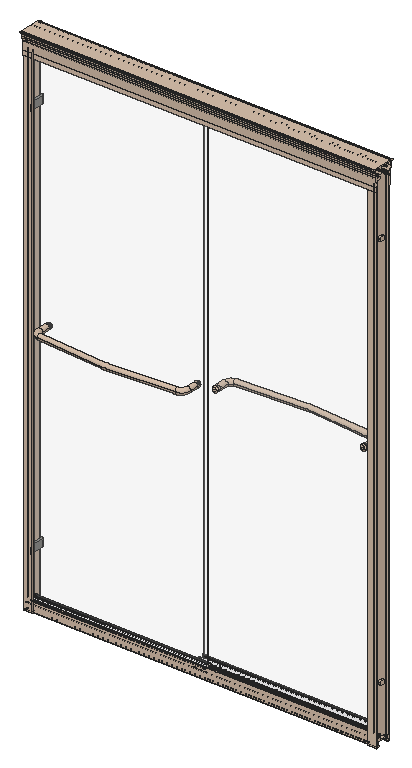
Revit family "Shower-Shower_Door-KOHLER-Fluence-K-702208_1", category Specialty Equipment, host Face, Revit 2021 (continued)
Definition of nested family "K-702208"
  Automatic sketch dimensions
    Extrusion 14 sketch curve to Extrusion 14 sketch curve = 3.79"
    Extrusion 14 sketch curve to plane 1 "Center (Front/Back)" = 0.51996"
    Extrusion 14 sketch curve to plane 1 "Center (Front/Back)" = 0.5373"
    Extrusion 14 sketch curve to Extrusion 14 sketch curve = 0.04958"
    Extrusion 14 sketch curve to Extrusion 14 sketch curve = 0.02083"
    plane 9 to Extrusion 14 sketch curve = 0.59481"
    Extrusion 14 sketch curve to Extrusion 14 sketch curve = 0.02786"
    Extrusion 14 sketch curve to Extrusion 14 sketch curve = 0"  (x2)
    plane 11 to Extrusion 15 sketch curve = 0.03782"
    Extrusion 15 sketch curve to plane 1 "Center (Front/Back)" = 0.59262"
    Extrusion 15 sketch curve to plane 11 = 0.05866"
    Extrusion 15 sketch curve to Extrusion 15 sketch curve = 0.41273"
    plane 11 to Extrusion 15 sketch curve = 0.0007"
    Extrusion 15 sketch curve to Extrusion 15 sketch curve = 0.00527"
    Extrusion 15 sketch curve to plane 11 = 0.05658"
    Extrusion 15 sketch curve to plane 6 = 0.47636"
    Extrusion 15 sketch curve to Extrusion 15 sketch curve = 0.05628"
    Extrusion 15 sketch curve to Extrusion 15 sketch curve = 0.00201"
    plane 9 to Extrusion 15 sketch curve = 0.58954"
    Extrusion 15 sketch curve to Extrusion 15 sketch curve = 0.72096"
    Extrusion 15 sketch curve to Extrusion 15 sketch curve = 0.00204"
    level to Extrusion 15 sketch curve = 0.74685"
    Extrusion 15 sketch curve to level = 0.19685"
    Revolve 16 sketch curve to plane 23 "FH2" = 0"  (x2)
    Revolve 16 sketch curve to plane 1 "Center (Front/Back)" = 0.68717"
    plane 23 "FH2" to Revolve 16 sketch curve = 0.00185"
    Revolve 16 sketch curve to Revolve 16 sketch curve = 0.0083"
    Revolve 16 sketch curve to plane 6 = 0.30671"
    Revolve 16 sketch curve to Revolve 16 sketch curve = 0.093"
    Revolve 16 sketch curve to Revolve 16 sketch curve = 0.04896"
    plane 6 to Revolve 16 sketch curve = 0.00287"
    plane 23 "FH2" to Revolve 16 sketch curve = 0.206"
    Revolve 16 sketch curve to Revolve 16 sketch curve = 0.04395"
    Revolve 16 sketch curve to Revolve 16 sketch curve = 0.12511"
    Revolve 16 sketch curve to Revolve 16 sketch curve = 0"  (x2)
    Revolve 16 sketch curve to Revolve 16 sketch curve = 0.19685"
    plane 5 to Extrusion 17 sketch curve = 0.08051"
    Extrusion 17 sketch curve to Extrusion 17 sketch curve = 0.00694"
    Extrusion 17 sketch curve to Extrusion 17 sketch curve = 0.45423"
    plane 5 to Extrusion 17 sketch curve = 0.595"
    Extrusion 17 sketch curve to Extrusion 17 sketch curve = 0.12318"
    Extrusion 17 sketch curve to Extrusion 17 sketch curve = 0.12057"
    Extrusion 17 sketch curve to Extrusion 17 sketch curve = 0.3745"
    Extrusion 17 sketch curve to plane 1 "Center (Front/Back)" = 0.615"
    Extrusion 17 sketch curve to Extrusion 17 sketch curve = 0.00654"
    plane 9 to Extrusion 17 sketch curve = 0.5799"
    Extrusion 17 sketch curve to Extrusion 17 sketch curve = 0.00758"
    Extrusion 17 sketch curve to Extrusion 17 sketch curve = 0.03476"
    plane 5 to Extrusion 18 sketch curve = 0.08051"
    Extrusion 18 sketch curve to Extrusion 18 sketch curve = 0.00694"
    Extrusion 18 sketch curve to Extrusion 18 sketch curve = 0.45423"
    plane 5 to Extrusion 18 sketch curve = 0.595"
    Extrusion 18 sketch curve to Extrusion 18 sketch curve = 0.12318"
    Extrusion 18 sketch curve to Extrusion 18 sketch curve = 0.12057"
    Extrusion 18 sketch curve to Extrusion 18 sketch curve = 0.3745"
    Extrusion 18 sketch curve to plane 1 "Center (Front/Back)" = 0.615"
    Extrusion 18 sketch curve to Extrusion 18 sketch curve = 0.00654"
    plane 9 to Extrusion 18 sketch curve = 0.5799"
    Extrusion 18 sketch curve to Extrusion 18 sketch curve = 0.00758"
    Extrusion 18 sketch curve to Extrusion 18 sketch curve = 0.03476"
    Extrusion 19 sketch curve to plane 8 = 0.17076"
    Extrusion 19 sketch curve to plane 10 = 0.20302"
    Extrusion 19 sketch curve to Extrusion 19 sketch curve = 0.12057"
    Extrusion 19 sketch curve to Extrusion 19 sketch curve = 0.05332"
    Extrusion 19 sketch curve to plane 4 = 0.10812"
    Extrusion 19 sketch curve to Extrusion 19 sketch curve = 0.00694"
    plane 9 to Extrusion 19 sketch curve = 0.33109"
    plane 9 to Extrusion 19 sketch curve = 0.45018"
    Extrusion 19 sketch curve to Extrusion 19 sketch curve = 0.03406"
    Extrusion 19 sketch curve to plane 1 "Center (Front/Back)" = 0.62154"
    Extrusion 19 sketch curve to Extrusion 19 sketch curve = 0.00654"
    plane 8 to Extrusion 20 sketch curve = 0.08317"
    Extrusion 20 sketch curve to plane 1 "Center (Front/Back)" = 0.615"
    Extrusion 20 sketch curve to plane 10 = 0.13317"
    Extrusion 20 sketch curve to Extrusion 20 sketch curve = 0.00654"
    plane 9 to Extrusion 20 sketch curve = 0.5799"
    Extrusion 20 sketch curve to plane 10 = 0.07985"
    Extrusion 20 sketch curve to Extrusion 20 sketch curve = 0.00758"
    Extrusion 20 sketch curve to Extrusion 20 sketch curve = 0.03476"
    Extrusion 20 sketch curve to plane 4 = 0.10118"
    Extrusion 20 sketch curve to Extrusion 20 sketch curve = 0.03406"
    Extrusion 20 sketch curve to plane 10 = 0.20302"
    Extrusion 20 sketch curve to Extrusion 20 sketch curve = 0.18791"
    Extrusion 21 sketch curve to plane 6 = 0.23353"
    Extrusion 21 sketch curve to plane 6 = 0.11031"  (x2)
    plane 6 to Extrusion 21 sketch curve = 0.1283"
    plane 6 to Extrusion 21 sketch curve = 0.12832"
    Extrusion 21 sketch curve to Extrusion 21 sketch curve = 0.12323"
    Extrusion 21 sketch curve to plane 17 = 6.22856"
    Extrusion 21 sketch curve to Extrusion 21 sketch curve = 0.23849"
    Extrusion 22 sketch curve to plane 6 = 0.23353"
    Extrusion 22 sketch curve to plane 6 = 0.11031"  (x2)
    plane 6 to Extrusion 22 sketch curve = 0.1283"
    plane 6 to Extrusion 22 sketch curve = 0.12832"
    Extrusion 22 sketch curve to Extrusion 22 sketch curve = 0.12323"
    plane 11 to Extrusion 22 sketch curve = 5.62656"
    Extrusion 22 sketch curve to Extrusion 22 sketch curve = 0.23849"
    Extrusion 23 sketch curve to plane 6 = 0.23353"
    Extrusion 23 sketch curve to plane 6 = 0.11031"  (x2)
    plane 6 to Extrusion 23 sketch curve = 0.1283"
    plane 6 to Extrusion 23 sketch curve = 0.12832"
    Extrusion 23 sketch curve to Extrusion 23 sketch curve = 0.12323"
    Extrusion 23 sketch curve to plane 17 = 6.22856"
    Extrusion 23 sketch curve to Extrusion 23 sketch curve = 0.23849"
    Extrusion 24 sketch curve to plane 6 = 0.23353"
    Extrusion 24 sketch curve to plane 6 = 0.11031"  (x2)
    plane 6 to Extrusion 24 sketch curve = 0.1283"
    plane 6 to Extrusion 24 sketch curve = 0.12832"
    Extrusion 24 sketch curve to Extrusion 24 sketch curve = 0.12323"
    plane 11 to Extrusion 24 sketch curve = 5.62656"
    Extrusion 24 sketch curve to Extrusion 24 sketch curve = 0.23849"
    Extrusion 25 sketch curve to plane 6 = 0.5857"
    Extrusion 25 sketch curve to Extrusion 25 sketch curve = 0.00346"
    Extrusion 25 sketch curve to Extrusion 25 sketch curve = 0.01839"
    Extrusion 25 sketch curve to Extrusion 25 sketch curve = 0.01999"
    Extrusion 25 sketch curve to Extrusion 25 sketch curve = 0.00072"
    Extrusion 25 sketch curve to Extrusion 25 sketch curve = 0.09112"
    Extrusion 25 sketch curve to Extrusion 25 sketch curve = 0.00176"
    plane 6 to Extrusion 25 sketch curve = 0.04934"
    plane 6 to Extrusion 25 sketch curve = 0.05173"
    Extrusion 25 sketch curve to Extrusion 25 sketch curve = 0.0684"
    Extrusion 25 sketch curve to plane 11 = 0.07323"
    plane 6 to Extrusion 25 sketch curve = 0.1433"
    Extrusion 25 sketch curve to Extrusion 25 sketch curve = 0.05416"
    Extrusion 25 sketch curve to plane 11 = 0.02093"
    Extrusion 25 sketch curve to Extrusion 25 sketch curve = 0.10844"
    Extrusion 25 sketch curve to plane 11 = 0.07712"
    Extrusion 25 sketch curve to Extrusion 25 sketch curve = 0.05818"
    Extrusion 25 sketch curve to Extrusion 25 sketch curve = 0.26747"
    Extrusion 25 sketch curve to Extrusion 25 sketch curve = 0.0665"  (x2)
    Extrusion 25 sketch curve to Extrusion 25 sketch curve = 0.0689"
    Extrusion 25 sketch curve to Extrusion 25 sketch curve = 0.41883"
    Extrusion 25 sketch curve to Extrusion 25 sketch curve = 0.00222"
    Extrusion 25 sketch curve to Extrusion 25 sketch curve = 0.04242"
    Extrusion 25 sketch curve to Extrusion 25 sketch curve = 0.0029"
    Extrusion 25 sketch curve to Extrusion 25 sketch curve = 0.06345"
    Extrusion 25 sketch curve to plane 11 = 0.08022"
    Extrusion 25 sketch curve to Extrusion 25 sketch curve = 0.5986"
    Extrusion 25 sketch curve to Extrusion 25 sketch curve = 0.08311"
    level to Extrusion 25 sketch curve = 0.16565"
    Extrusion 25 sketch curve to Extrusion 25 sketch curve = 0.0041"
    Extrusion 25 sketch curve to Extrusion 25 sketch curve = 0.02081"
    Extrusion 25 sketch curve to Extrusion 25 sketch curve = 1/16"
    Extrusion 25 sketch curve to Extrusion 25 sketch curve = 0.0644"
    Extrusion 25 sketch curve to Extrusion 25 sketch curve = 0.02063"
    Extrusion 25 sketch curve to Extrusion 25 sketch curve = 0.46909"
    Extrusion 25 sketch curve to Extrusion 25 sketch curve = 0.00073"
    level to Extrusion 25 sketch curve = 0.76962"
    Extrusion 25 sketch curve to Extrusion 25 sketch curve = 0.02071"
    Extrusion 25 sketch curve to Extrusion 25 sketch curve = 0.08163"
    Extrusion 25 sketch curve to Extrusion 25 sketch curve = 0.01463"
    Extrusion 25 sketch curve to Extrusion 25 sketch curve = 0.03407"
    Extrusion 25 sketch curve to Extrusion 25 sketch curve = 0.01413"
    Extrusion 25 sketch curve to Extrusion 25 sketch curve = 0.02214"
    Extrusion 25 sketch curve to Extrusion 25 sketch curve = 0.06123"
    Extrusion 25 sketch curve to Extrusion 25 sketch curve = 0.06579"
    Extrusion 25 sketch curve to Extrusion 25 sketch curve = 0.06601"
    Extrusion 25 sketch curve to Extrusion 25 sketch curve = 0.05027"
    plane 5 to Masking region 1 sketch curve = 1.20289"
    Masking region 1 sketch curve to plane 4 = 0"
    Masking region 1 sketch curve to plane 12 = 0"
    Masking region 2 sketch curve to plane 16 = 0"  (x2)
    Masking region 2 sketch curve to plane 15 = 0"  (x2)
    Masking region 2 sketch curve to plane 17 = 0"  (x2)
    Masking region 2 sketch curve to level = 0"  (x4)
    plane 17 to Masking region 2 sketch curve = 0.64"  (x4)
    plane 7 to Masking region 2 sketch curve = 10.40283"
    Masking region 2 sketch curve to plane 12 = 1 245/256"  (x2)
    Masking region 2 sketch curve to Masking region 2 sketch curve = 2.07992"
    Masking region 2 sketch curve to Masking region 2 sketch curve = 2.92453"
    Masking region 2 sketch curve to plane 13 = 0.91156"  (x2)
    plane 7 to Masking region 2 sketch curve = 2.97667"
    plane 7 to Masking region 2 sketch curve = 0.57536"
    Masking region 2 sketch curve to plane 7 = 0.37502"
    Masking region 2 sketch curve to plane 13 = 0.24782"  (x2)
    Masking region 2 sketch curve to plane 7 = 0.51923"
    plane 13 to Masking region 2 sketch curve = 0.1588"
    Masking region 2 sketch curve to Masking region 2 sketch curve = 0.69869"  (x2)
    Masking region 2 sketch curve to Masking region 2 sketch curve = 0.13409"
    Masking region 2 sketch curve to Masking region 2 sketch curve = 0.01329"  (x2)
    plane 1 "Center (Front/Back)" to Masking region 2 sketch curve = 0.3513"
    plane 1 "Center (Front/Back)" to Masking region 2 sketch curve = 0.00236"
    Masking region 2 sketch curve to plane 1 "Center (Front/Back)" = 0.03283"
    Masking region 2 sketch curve to Masking region 2 sketch curve = 0.00993"  (x2)
    Masking region 2 sketch curve to Masking region 2 sketch curve = 0.09663"
    Masking region 2 sketch curve to plane 1 "Center (Front/Back)" = 0.19164"
    Masking region 2 sketch curve to plane 1 "Center (Front/Back)" = 0.45164"
    Masking region 2 sketch curve to plane 13 = 0.29733"
    Masking region 2 sketch curve to plane 1 "Center (Front/Back)" = 0.49301"
    Masking region 2 sketch curve to Masking region 2 sketch curve = 0.00942"  (x2)
    Masking region 2 sketch curve to Masking region 2 sketch curve = 0.01422"  (x2)
    Masking region 2 sketch curve to plane 1 "Center (Front/Back)" = 0.51664"
    Masking region 2 sketch curve to plane 1 "Center (Front/Back)" = 0.51668"
    Masking region 2 sketch curve to Masking region 2 sketch curve = 0.06276"  (x2)
    Masking region 2 sketch curve to Masking region 2 sketch curve = 0.06792"
    Masking region 2 sketch curve to Masking region 2 sketch curve = 0.0031"
    Masking region 2 sketch curve to Masking region 2 sketch curve = 0.03026"
    Masking region 2 sketch curve to Masking region 2 sketch curve = 0.01474"  (x2)
    Masking region 2 sketch curve to Masking region 2 sketch curve = 0.06255"
    Masking region 2 sketch curve to Masking region 2 sketch curve = 0.01987"
    Masking region 2 sketch curve to Masking region 2 sketch curve = 0.06566"
    Masking region 2 sketch curve to Masking region 2 sketch curve = 0.02119"  (x2)
    Masking region 2 sketch curve to Masking region 2 sketch curve = 0.01104"
    Masking region 2 sketch curve to plane 11 = 0.14681"
    Masking region 2 sketch curve to Masking region 2 sketch curve = 0.045"  (x2)
    Masking region 2 sketch curve to Masking region 2 sketch curve = 0.03846"
    Masking region 2 sketch curve to Masking region 2 sketch curve = 0.04235"
    Masking region 2 sketch curve to Masking region 2 sketch curve = 0.06239"
    level to Masking region 2 sketch curve = 0.016"
    Masking region 2 sketch curve to Masking region 2 sketch curve = 0.04649"  (x2)
    Masking region 2 sketch curve to Masking region 2 sketch curve = 0.02382"
    Masking region 2 sketch curve to plane 11 = 0.00126"
    Masking region 2 sketch curve to Masking region 2 sketch curve = 0.01516"
    Masking region 2 sketch curve to Masking region 2 sketch curve = 0.03"  (x2)
    Masking region 2 sketch curve to Masking region 2 sketch curve = 0.03005"
    plane 11 to Masking region 2 sketch curve = 0.026"
    Masking region 2 sketch curve to Masking region 2 sketch curve = 0.01714"
    Masking region 2 sketch curve to plane 11 = 0.0495"
    Masking region 2 sketch curve to Masking region 2 sketch curve = 0.04377"
    Masking region 2 sketch curve to plane 11 = 0.00708"
    Masking region 2 sketch curve to Masking region 2 sketch curve = 0.02666"
    plane 11 to Masking region 2 sketch curve = 0.02071"
    Masking region 2 sketch curve to Masking region 2 sketch curve = 0.01746"
    Masking region 2 sketch curve to Masking region 2 sketch curve = 0.13765"
    Masking region 2 sketch curve to Masking region 2 sketch curve = 0.00459"
    plane 13 to Masking region 2 sketch curve = 0.06456"  (x2)
    Masking region 2 sketch curve to Masking region 2 sketch curve = 0.04044"
    Masking region 2 sketch curve to Masking region 2 sketch curve = 0.16703"
    Masking region 2 sketch curve to Masking region 2 sketch curve = 0.00457"
    Masking region 2 sketch curve to Masking region 2 sketch curve = 0.0068"
    Masking region 2 sketch curve to Masking region 2 sketch curve = 0.03381"
    Masking region 2 sketch curve to Masking region 2 sketch curve = 0.00139"
    Masking region 2 sketch curve to Masking region 2 sketch curve = 0.18987"
    Masking region 2 sketch curve to Masking region 2 sketch curve = 0.19015"
    Masking region 2 sketch curve to plane 11 = 0.22707"
    Masking region 2 sketch curve to Masking region 2 sketch curve = 0.23273"
    Masking region 2 sketch curve to Masking region 2 sketch curve = 0.0459"
    Masking region 2 sketch curve to Masking region 2 sketch curve = 0.00327"
    Masking region 2 sketch curve to Masking region 2 sketch curve = 0.01209"  (x2)
    Masking region 2 sketch curve to plane 11 = 0.06868"
    Masking region 2 sketch curve to Masking region 2 sketch curve = 0.00886"
    Masking region 2 sketch curve to Masking region 2 sketch curve = 0.00571"  (x2)
    Masking region 2 sketch curve to plane 11 = 0.02369"
    Masking region 2 sketch curve to Masking region 2 sketch curve = 0.00252"
    plane 11 to Masking region 2 sketch curve = 0.00822"
    Masking region 2 sketch curve to Masking region 2 sketch curve = 0.00178"
    Masking region 2 sketch curve to Masking region 2 sketch curve = 0.05523"
    Masking region 2 sketch curve to Masking region 2 sketch curve = 0.02986"
    Masking region 2 sketch curve to Masking region 2 sketch curve = 0.01799"
    Masking region 2 sketch curve to Masking region 2 sketch curve = 0.01369"  (x2)
    Masking region 2 sketch curve to Masking region 2 sketch curve = 0.01371"
    Masking region 2 sketch curve to Masking region 2 sketch curve = 0.05555"
    Masking region 2 sketch curve to Masking region 2 sketch curve = 0.01353"
    Masking region 2 sketch curve to Masking region 2 sketch curve = 0.01496"
    Masking region 2 sketch curve to Masking region 2 sketch curve = 0.01713"
    Masking region 2 sketch curve to Masking region 2 sketch curve = 0.06611"
    Masking region 2 sketch curve to Masking region 2 sketch curve = 0.00627"
    Masking region 2 sketch curve to Masking region 2 sketch curve = 0.00675"
    Masking region 2 sketch curve to Masking region 2 sketch curve = 0.00748"
    Masking region 2 sketch curve to Masking region 2 sketch curve = 0.042"  (x2)
    Masking region 2 sketch curve to Masking region 2 sketch curve = 0.01223"
    Masking region 2 sketch curve to plane 11 = 0.29495"
    Masking region 2 sketch curve to Masking region 2 sketch curve = 0.0163"
    Masking region 2 sketch curve to Masking region 2 sketch curve = 0.09759"
    Masking region 2 sketch curve to Masking region 2 sketch curve = 0.02253"  (x2)
    Masking region 2 sketch curve to Masking region 2 sketch curve = 0.00052"
    Masking region 2 sketch curve to Masking region 2 sketch curve = 0.01653"
    Masking region 2 sketch curve to Masking region 2 sketch curve = 0.03231"
    Masking region 2 sketch curve to Masking region 2 sketch curve = 0.01645"
    Masking region 2 sketch curve to Masking region 2 sketch curve = 0.04503"
    Masking region 2 sketch curve to Masking region 2 sketch curve = 0.11005"
    Masking region 2 sketch curve to Masking region 2 sketch curve = 0.05436"
    Masking region 2 sketch curve to Masking region 2 sketch curve = 0.01918"
    Masking region 2 sketch curve to Masking region 2 sketch curve = 0.01399"  (x4)
    Masking region 2 sketch curve to Masking region 2 sketch curve = 0.05645"
    Masking region 2 sketch curve to Masking region 2 sketch curve = 0.03299"
    Masking region 2 sketch curve to Masking region 2 sketch curve = 0.02146"
    Masking region 2 sketch curve to Masking region 2 sketch curve = 7/256"  (x2)
    Masking region 2 sketch curve to Masking region 2 sketch curve = 0.06967"
    Masking region 2 sketch curve to Masking region 2 sketch curve = 0.04"  (x2)
    Masking region 2 sketch curve to Masking region 2 sketch curve = 0.01519"  (x2)
    Masking region 2 sketch curve to Masking region 2 sketch curve = 0.0605"
    Masking region 2 sketch curve to Masking region 2 sketch curve = 0.05"  (x3)
    Masking region 2 sketch curve to Masking region 2 sketch curve = 0.02047"  (x2)
    plane 12 to Masking region 2 sketch curve = 0.12282"
    plane 6 to Masking region 2 sketch curve = 0.39614"
    plane 6 to Masking region 2 sketch curve = 0.42927"
    plane 12 to Masking region 2 sketch curve = 0.34377"
    Masking region 2 sketch curve to Masking region 2 sketch curve = 0.02049"
    Masking region 2 sketch curve to Masking region 2 sketch curve = 0.08"
    plane 13 to Masking region 2 sketch curve = 0.21922"
    Masking region 2 sketch curve to Masking region 2 sketch curve = 0.08378"
    Masking region 2 sketch curve to Masking region 2 sketch curve = 0.05532"
    Masking region 2 sketch curve to Masking region 2 sketch curve = 0.02829"
    Masking region 2 sketch curve to Masking region 2 sketch curve = 0.11101"
    Masking region 2 sketch curve to Masking region 2 sketch curve = 0.01228"
    Masking region 2 sketch curve to Masking region 2 sketch curve = 0.0289"  (x2)
    Masking region 2 sketch curve to Masking region 2 sketch curve = 0.08362"
    plane 6 to Masking region 2 sketch curve = 0.72564"
    Masking region 2 sketch curve to Masking region 2 sketch curve = 0.00075"
    Masking region 2 sketch curve to Masking region 2 sketch curve = 0.02144"
    Masking region 2 sketch curve to Masking region 2 sketch curve = 0.12865"
    Masking region 2 sketch curve to Masking region 2 sketch curve = 0.02199"
    Masking region 2 sketch curve to plane 13 = 0.00994"
    Masking region 2 sketch curve to Masking region 2 sketch curve = 0.06759"
    Masking region 2 sketch curve to Masking region 2 sketch curve = 0.1911"
    Masking region 2 sketch curve to Masking region 2 sketch curve = 0.18993"
    Masking region 2 sketch curve to Masking region 2 sketch curve = 0.02999"
    Masking region 2 sketch curve to Masking region 2 sketch curve = 0.01631"
    Masking region 2 sketch curve to Masking region 2 sketch curve = 0.1361"
    Masking region 2 sketch curve to Masking region 2 sketch curve = 0.00188"
    plane 9 to Masking region 2 sketch curve = 0.65156"
    Masking region 2 sketch curve to Masking region 2 sketch curve = 0.02191"
    Masking region 2 sketch curve to Masking region 2 sketch curve = 0.02417"
    plane 9 to Masking region 2 sketch curve = 0.63459"
    Masking region 2 sketch curve to Masking region 2 sketch curve = 0.00143"
    Masking region 2 sketch curve to Masking region 2 sketch curve = 0.01971"
    level to Masking region 2 sketch curve = 0.02031"
    Masking region 2 sketch curve to Masking region 2 sketch curve = 0.02086"
    Masking region 2 sketch curve to Masking region 2 sketch curve = 0.08374"
    Masking region 2 sketch curve to Masking region 2 sketch curve = 0.02"
    Masking region 2 sketch curve to plane 11 = 0.08094"
    plane 9 to Masking region 2 sketch curve = 0.54168"
    Masking region 2 sketch curve to Masking region 2 sketch curve = 0.07469"
    Masking region 2 sketch curve to plane 11 = 0.02424"
    Masking region 2 sketch curve to Masking region 2 sketch curve = 0.02128"
    Masking region 2 sketch curve to Masking region 2 sketch curve = 0.11419"
    plane 9 to Masking region 2 sketch curve = 0.5204"  (x2)
    Masking region 2 sketch curve to Masking region 2 sketch curve = 0.065"
    Masking region 2 sketch curve to Masking region 2 sketch curve = 0.30533"
    Masking region 2 sketch curve to Masking region 2 sketch curve = 0.30677"
    Masking region 2 sketch curve to Masking region 2 sketch curve = 0.3082"
    plane 12 to Masking region 2 sketch curve = 0.03235"
    plane 9 to Masking region 2 sketch curve = 0.1954"
    Masking region 2 sketch curve to Masking region 2 sketch curve = 0.05224"
    plane 9 to Masking region 2 sketch curve = 0.04653"
    plane 9 to Masking region 2 sketch curve = 0.0014"
    Masking region 2 sketch curve to plane 9 = 0.34754"
    plane 13 to Masking region 2 sketch curve = 0.21268"
    Masking region 2 sketch curve to Masking region 2 sketch curve = 0.33968"
    Masking region 2 sketch curve to Masking region 2 sketch curve = 0.14738"
    Masking region 2 sketch curve to Masking region 2 sketch curve = 2.40131"
    Masking region 2 sketch curve to Masking region 2 sketch curve = 4.37284"
    Masking region 2 sketch curve to Masking region 2 sketch curve = 0.97341"
    Masking region 2 sketch curve to Masking region 2 sketch curve = 3.05332"
    Masking region 2 sketch curve to level = 0.03962"
    Masking region 2 sketch curve to level = 0.05241"
    Masking region 2 sketch curve to Masking region 2 sketch curve = 0.07857"
    Masking region 2 sketch curve to Masking region 2 sketch curve = 0.07928"
    Masking region 2 sketch curve to Masking region 2 sketch curve = 0.04638"
    Masking region 2 sketch curve to Masking region 2 sketch curve = 0.06893"
    level to Masking region 2 sketch curve = 0.01498"
    Masking region 2 sketch curve to Masking region 2 sketch curve = 0.04899"
    Masking region 2 sketch curve to Masking region 2 sketch curve = 0.01499"
    level to Masking region 2 sketch curve = 0.14503"
    Masking region 2 sketch curve to Masking region 2 sketch curve = 0.09467"
    Masking region 2 sketch curve to Masking region 2 sketch curve = 0.30282"
    Masking region 2 sketch curve to Masking region 2 sketch curve = 0.0225"
    Masking region 2 sketch curve to Masking region 2 sketch curve = 0.00338"
    Masking region 2 sketch curve to Masking region 2 sketch curve = 0.03464"  (x2)
    Masking region 2 sketch curve to Masking region 2 sketch curve = 0.06005"
    Masking region 2 sketch curve to Masking region 2 sketch curve = 0.0423"
    Masking region 2 sketch curve to Masking region 2 sketch curve = 0.58465"
    Masking region 2 sketch curve to Masking region 2 sketch curve = 0.01818"
    Masking region 2 sketch curve to Masking region 2 sketch curve = 0.05478"
    Masking region 2 sketch curve to Masking region 2 sketch curve = 0.06452"
    Masking region 2 sketch curve to Masking region 2 sketch curve = 0.02964"
    Masking region 2 sketch curve to Masking region 2 sketch curve = 0.0038"
    Masking region 2 sketch curve to Masking region 2 sketch curve = 0.004"
    Masking region 2 sketch curve to Masking region 2 sketch curve = 0.00787"
    Masking region 2 sketch curve to Masking region 2 sketch curve = 0.01919"
    Masking region 2 sketch curve to Masking region 2 sketch curve = 0.00421"
    Masking region 2 sketch curve to Masking region 2 sketch curve = 0.04178"
    Masking region 2 sketch curve to Masking region 2 sketch curve = 0.00065"
    Masking region 2 sketch curve to Masking region 2 sketch curve = 0"  (x31)
    Masking region 2 sketch curve to Masking region 2 sketch curve = 0.06846"
    Masking region 2 sketch curve to Masking region 2 sketch curve = 0.02019"
    Masking region 2 sketch curve to Masking region 2 sketch curve = 0.02081"
    plane 11 to Masking region 2 sketch curve = 0.03841"
    plane 11 to Masking region 2 sketch curve = 5.39625"
    Masking region 2 sketch curve to Masking region 2 sketch curve = 3/8"
    Masking region 2 sketch curve to Masking region 2 sketch curve = 6.44968"
    Masking region 2 sketch curve to Masking region 2 sketch curve = 0.36307"
    Masking region 2 sketch curve to plane 13 = 0.49909"  (x2)
    Masking region 2 sketch curve to plane 13 = 0.44908"
    Masking region 2 sketch curve to Masking region 2 sketch curve = 0.03864"  (x2)
    Masking region 2 sketch curve to Masking region 2 sketch curve = 0.06623"  (x2)
    Masking region 2 sketch curve to Masking region 2 sketch curve = 0.07345"
    Masking region 2 sketch curve to Masking region 2 sketch curve = 0.03481"
    Masking region 2 sketch curve to Masking region 2 sketch curve = 0.02051"
    Masking region 2 sketch curve to Masking region 2 sketch curve = 0.04811"
    Masking region 2 sketch curve to Masking region 2 sketch curve = 0.01492"
    Masking region 2 sketch curve to Masking region 2 sketch curve = 0.04218"
    Masking region 2 sketch curve to Masking region 2 sketch curve = 0.01507"
    Masking region 2 sketch curve to Masking region 2 sketch curve = 0.01514"
    Masking region 2 sketch curve to Masking region 2 sketch curve = 0.03008"  (x2)
    Masking region 2 sketch curve to Masking region 2 sketch curve = 0.00276"  (x2)
    Masking region 2 sketch curve to Masking region 2 sketch curve = 0.00093"  (x2)
    Masking region 2 sketch curve to Masking region 2 sketch curve = 0.02711"
    Masking region 2 sketch curve to Masking region 2 sketch curve = 0.02252"  (x2)
    Masking region 2 sketch curve to Masking region 2 sketch curve = 0.07005"  (x2)
    Masking region 2 sketch curve to Masking region 2 sketch curve = 0.02785"  (x2)
    Masking region 2 sketch curve to Masking region 2 sketch curve = 0.02746"  (x4)
    Masking region 2 sketch curve to Masking region 2 sketch curve = 0.05568"  (x2)
    Masking region 2 sketch curve to Masking region 2 sketch curve = 0.03342"
    Masking region 2 sketch curve to Masking region 2 sketch curve = 0.05388"  (x2)
    plane 13 to Masking region 2 sketch curve = 0.19176"
    Masking region 2 sketch curve to Masking region 2 sketch curve = 0.02571"
    Masking region 2 sketch curve to Masking region 2 sketch curve = 0.05317"
    Masking region 2 sketch curve to Masking region 2 sketch curve = 0.08023"  (x2)
    Masking region 2 sketch curve to Masking region 2 sketch curve = 0.1262"  (x2)
    Masking region 2 sketch curve to Masking region 2 sketch curve = 0.12635"
    Masking region 2 sketch curve to Masking region 2 sketch curve = 0.1273"
    Masking region 2 sketch curve to Masking region 2 sketch curve = 0.13557"
    Masking region 2 sketch curve to Masking region 2 sketch curve = 0.16367"
    Masking region 2 sketch curve to Masking region 2 sketch curve = 0.26332"  (x2)
    Masking region 2 sketch curve to Masking region 2 sketch curve = 0.06527"  (x2)
    Masking region 2 sketch curve to Masking region 2 sketch curve = 0.05973"
    Masking region 2 sketch curve to Masking region 2 sketch curve = 0.01057"  (x2)
    Masking region 2 sketch curve to Masking region 2 sketch curve = 0.00058"
    Masking region 2 sketch curve to Masking region 2 sketch curve = 0.00002"
    Masking region 2 sketch curve to Masking region 2 sketch curve = 0.016"  (x2)
    plane 12 to Masking region 2 sketch curve = 0.06039"  (x2)
    Masking region 2 sketch curve to Masking region 2 sketch curve = 0.02453"  (x2)
    plane 12 to Masking region 2 sketch curve = 0.02885"  (x2)
    Masking region 2 sketch curve to plane 12 = 0.3375"  (x2)
    plane 13 to Masking region 2 sketch curve = 0.18189"  (x2)
    Masking region 2 sketch curve to plane 13 = 33/256"
    Masking region 2 sketch curve to Masking region 2 sketch curve = 0.00096"
    Masking region 2 sketch curve to plane 11 = 0.1815"
    Masking region 2 sketch curve to Masking region 2 sketch curve = 0.02105"
    Masking region 2 sketch curve to Masking region 2 sketch curve = 0.00004"
    Masking region 2 sketch curve to Masking region 2 sketch curve = 0.03278"
    Masking region 2 sketch curve to Masking region 2 sketch curve = 0.01124"
    Masking region 2 sketch curve to Masking region 2 sketch curve = 0.0849"
    Masking region 2 sketch curve to Masking region 2 sketch curve = 0.00072"
    Masking region 2 sketch curve to Masking region 2 sketch curve = 0.08797"
    Masking region 2 sketch curve to Masking region 2 sketch curve = 0.05275"
    Masking region 2 sketch curve to Masking region 2 sketch curve = 0.00332"
    curve 60 to curve 68 = 0"  (x2)
    curve 62 to curve 70 = 0"  (x2)
    curve 64 to curve 72 = 0"  (x2)
    curve 66 to curve 74 = 0"  (x2)
    curve 116 to curve 124 = 0"  (x2)
    curve 118 to curve 126 = 0"  (x2)
    curve 120 to curve 128 = 0"  (x2)
    curve 122 to curve 130 = 0"  (x2)
    curve 48 to plane 15 = 0"
    curve 48 to plane 16 = 0"
    curve 49 to plane 15 = 0"
    curve 49 to plane 16 = 0"
    curve 149 to plane 17 = 0"
    curve 150 to plane 15 = 0"
    curve 150 to plane 16 = 0"
    curve 3 to level = 0"
    curve 2 to level = 0"
    curve 1 to level = 0"
    curve 4 to level = 0"
    curve 50 to level = 0"
    curve 42 to level = 0"
    curve 41 to level = 0"
    curve 40 to level = 0"
    curve 151 to plane 15 = 0"
    curve 136 to plane 17 = 0"
    curve 151 to plane 16 = 0"
    curve 47 to plane 15 = 0"
    curve 47 to plane 16 = 0"
    curve 46 to plane 15 = 0"
    curve 46 to plane 16 = 0"
    plane 1 "Center (Front/Back)" to curve 48 = 0.89503"
    curve 30 to plane 11 = 0.19436"
    curve 30 to plane 1 "Center (Front/Back)" = 0.61695"
    curve 30 to curve 27 = 0.05765"
    curve 27 to curve 29 = 0.01839"
    curve 26 to plane 11 = 0.04515"
    curve 29 to curve 26 = 0.00194"
    curve 35 to plane 11 = 0.09908"
    curve 29 to curve 35 = 0.26193"
    curve 35 to curve 32 = 0.00148"
    curve 35 to curve 14 = 0.01078"
    curve 31 to plane 11 = 0.07397"
    curve 14 to curve 31 = 0.00026"
    curve 13 to plane 11 = 0.02938"
    curve 35 to curve 13 = 0.00619"
    curve 31 to curve 23 = 0.02"
    curve 33 to plane 11 = 0.07559"
    curve 23 to curve 33 = 0.00475"
    curve 23 to curve 24 = 0.00811"
    curve 33 to curve 20 = 0.01739"
    curve 39 to plane 6 = 0.5627"
    plane 11 to curve 17 = 0.00081"
    curve 14 to curve 17 = 0.03178"
    curve 39 to curve 9 = 0.00335"
    curve 12 to plane 11 = 0.08765"
    curve 20 to curve 12 = 0.02811"
    curve 11 to plane 11 = 0.05779"
    curve 14 to curve 11 = 0.03282"
    curve 10 to curve 37 = 0.05429"
    curve 9 to curve 38 = 0.05839"
    curve 38 to curve 16 = 0.00931"
    curve 12 to curve 25 = 0.04904"
    curve 38 to curve 6 = 0.08109"
    curve 15 to curve 15 = 0.00208"
    curve 61 to plane 6 = 0.23617"
    curve 117 to plane 6 = 0.23617"
    curve 60 to curve 69 = 0.00787"
    curve 117 to curve 125 = 0.00787"
    curve 69 to curve 53 = 0.0621"
    curve 125 to curve 109 = 0.0621"
    curve 109 to curve 124 = 0.05503"
    curve 109 to curve 126 = 0.05503"
    curve 71 to plane 6 = 0.11117"
    curve 59 to plane 6 = 0.11117"
    curve 118 to curve 111 = 0.00746"
    curve 60 to curve 52 = 0.00746"
    curve 62 to curve 54 = 0.00746"  (x2)
    curve 116 to curve 107 = 0.00746"
    curve 60 to curve 51 = 0.00746"
    curve 62 to curve 55 = 0.00746"
    plane 6 to curve 37 = 0.07783"
    plane 6 to curve 132 = 0.08192"
    plane 6 to curve 51 = 0.11887"
    plane 6 to curve 55 = 0.11887"
    plane 6 to curve 114 = 0.11887"
    curve 56 to curve 56 = 0"
    plane 6 to curve 112 = 0.11887"
    curve 58 to curve 58 = 0"
    curve 58 to curve 66 = 0.00746"
    curve 114 to curve 123 = 0.00746"
    curve 112 to curve 128 = 0.00746"
    curve 56 to curve 72 = 0.00746"
    curve 64 to curve 57 = 0.05503"
    curve 122 to curve 113 = 0.05503"
    curve 56 to curve 73 = 0.0621"
    curve 113 to curve 129 = 0.0621"
    curve 37 to curve 133 = 0.34094"
    curve 133 to curve 134 = 0.004"
    curve 121 to curve 104 = 0.47628"
    curve 65 to curve 88 = 0.47628"
    curve 121 to curve 97 = 0.47628"
    curve 66 to curve 81 = 0.47628"
    curve 88 to curve 76 = 0.12826"
    curve 104 to curve 92 = 0.12826"
    curve 92 to curve 101 = 0.00749"
    curve 81 to curve 78 = 0.13575"
    curve 97 to curve 94 = 0.13575"
    curve 76 to curve 85 = 0.00749"
    curve 133 to curve 133 = 0.47768"
    curve 133 to curve 135 = 0.0045"
    curve 133 to curve 7 = 0.01663"
    curve 7 to curve 8 = 0"
    curve 133 to curve 6 = 5/256"
    curve 133 to curve 5 = 5/256"
    level to curve 50 = 0.016"
    plane 9 to curve 50 = 0.5864"
    curve 85 to curve 89 = 0.13239"
    curve 94 to curve 98 = 0.13239"
    curve 78 to curve 82 = 0.13239"
    curve 101 to curve 105 = 0.13239"
    curve 131 to plane 11 = 0.10494"
    plane 9 to curve 131 = 0.53973"
    curve 105 to curve 106 = 0.08134"
    curve 89 to curve 90 = 0.08134"
    curve 98 to curve 100 = 0.08134"
    curve 82 to curve 84 = 0.08134"
    curve 82 to curve 79 = 0.0816"
    curve 105 to curve 102 = 0.0816"
    curve 89 to curve 86 = 0.0816"
    curve 98 to curve 95 = 0.0816"
    curve 86 to curve 77 = 0.00077"
    curve 102 to curve 93 = 0.00077"
    curve 84 to curve 80 = 0.02683"
    curve 106 to curve 103 = 0.02683"
    curve 100 to curve 96 = 0.02683"
    curve 90 to curve 87 = 0.02683"
    curve 102 to curve 91 = 0.0373"
    curve 79 to curve 75 = 0.0373"
    curve 46 to plane 9 = 0.89127"
    curve 50 to curve 8 = 0.61848"
    curve 8 to curve 7 = 0.03065"
    curve 7 to curve 5 = 0.0527"
    curve 5 to curve 133 = 0.02227"
    curve 133 to curve 6 = 0.0087"
    curve 133 to curve 133 = 0.01668"
    curve 133 to curve 37 = 0.01191"
    curve 37 to curve 37 = 0.02036"
    curve 38 to curve 6 = 0.00603"
    curve 37 to curve 39 = 0.01746"
    curve 38 to curve 10 = 0.00447"
    curve 15 to curve 15 = 0.06034"
    curve 10 to curve 9 = 0.0541"
    curve 7 to curve 135 = 0.12008"
    curve 133 to curve 134 = 0.11445"
    curve 37 to curve 132 = 0.11712"
    curve 38 to curve 16 = 0.01642"
    curve 32 to curve 35 = 0.14587"
    curve 32 to curve 24 = 0.03637"
    curve 25 to curve 12 = 0.02731"
    plane 11 to curve 90 = 5.46653"
    curve 90 to curve 87 = 0.02999"
    curve 90 to curve 89 = 0.0495"
    curve 88 to curve 63 = 0.12878"
    curve 88 to curve 77 = 0.13604"
    curve 77 to curve 86 = 0.00177"
    curve 89 to curve 85 = 0.16552"
    curve 85 to curve 76 = 0"  (x2)
    curve 55 to curve 62 = 0.05503"
    curve 64 to curve 56 = 0.00746"
    curve 53 to curve 53 = 0.22258"
    curve 56 to curve 57 = 0.22258"
    curve 52 to curve 52 = 0"
    curve 58 to curve 74 = 0.00746"
    curve 75 to curve 75 = 3/8"
    curve 75 to curve 79 = 0.04721"
    curve 79 to curve 82 = 0.1183"
    curve 78 to curve 81 = 0.18503"
    curve 80 to curve 84 = 0.02999"
    curve 106 to plane 17 = 6.37883"
    curve 106 to curve 104 = 0.02999"
    curve 106 to curve 105 = 0.0495"
    curve 104 to curve 119 = 0.12835"
    curve 103 to curve 93 = 0.13604"
    curve 93 to curve 102 = 0.00177"
    curve 105 to curve 101 = 0.16552"
    curve 101 to curve 91 = 0.05414"
    curve 111 to curve 118 = 0.05503"
    curve 110 to curve 108 = 0.22259"
    curve 108 to curve 117 = 0.00746"
    curve 101 to curve 94 = 3/8"
    curve 94 to curve 95 = 0.04721"
    curve 95 to curve 98 = 0.1183"
    curve 98 to curve 96 = 0.01951"
    curve 96 to curve 100 = 0.02999"
    curve 49 to plane 1 "Center (Front/Back)" = 0.08964"
    curve 149 to plane 1 "Center (Front/Back)" = 0.51664"
    curve 49 to curve 150 = 0.427"
    curve 49 to curve 150 = 0.42704"
    curve 3 to plane 1 "Center (Front/Back)" = 0.5247"
    curve 3 to curve 2 = 0.00799"
    curve 2 to curve 1 = 0.03403"
    curve 1 to curve 4 = 0.00799"
    curve 30 to curve 30 = 0.02574"
    curve 30 to curve 30 = 0"
    curve 30 to curve 28 = 0.01265"
    curve 19 to plane 11 = 0.00126"
    curve 26 to curve 19 = 0.01221"
    curve 142 to plane 1 "Center (Front/Back)" = 0.71041"
    curve 4 to curve 142 = 0.13574"
    plane 11 to curve 18 = 0.026"
    curve 19 to curve 18 = 0.01714"
    curve 26 to plane 11 = 0.0495"
    curve 26 to curve 26 = 0.04083"
    curve 19 to plane 11 = 0.00708"
    curve 26 to curve 19 = 0.02666"
    plane 11 to curve 18 = 0.02071"
    curve 19 to curve 18 = 0.01746"
    curve 142 to curve 144 = 0.18987"
    curve 142 to curve 144 = 0.19015"
    curve 34 to plane 11 = 0.06868"
    curve 13 to plane 11 = 0.02369"
    curve 34 to curve 13 = 0.00252"
    plane 11 to curve 17 = 0.00822"
    curve 13 to curve 17 = 0.00178"
    curve 144 to curve 143 = 0.02986"
    curve 21 to plane 11 = 0.029"
    plane 11 to curve 21 = 0.0038"
    plane 11 to curve 22 = 0.00326"
    curve 9 to curve 39 = 0.02181"
    curve 14 to curve 35 = 0.01648"
    curve 33 to plane 11 = 0.29495"
    curve 5 to curve 39 = 0.00129"
    curve 32 to curve 25 = 0.04468"
    curve 25 to curve 36 = 0.00035"
    curve 12 to plane 11 = 0.29495"
    curve 33 to curve 12 = 0.04503"
    curve 16 to curve 10 = 0"
    curve 143 to curve 146 = 0.11005"
    curve 144 to curve 147 = 0.15412"
    curve 146 to curve 145 = 0.01399"
    curve 36 to curve 25 = 0.03314"
    curve 11 to plane 11 = 0.29495"
    curve 147 to curve 147 = 0.08"
    plane 6 to curve 148 = 0.42927"
    plane 13 to curve 140 = 0.19176"
    plane 6 to curve 140 = 0.50927"
    curve 148 to curve 148 = 0.08"
    curve 140 to curve 141 = 0.01399"
    curve 141 to curve 138 = 0.11101"
    curve 138 to curve 139 = 0.0291"
    curve 138 to curve 139 = 0.03008"
    curve 139 to curve 137 = 0.1909"
    curve 139 to curve 137 = 0.18993"
    curve 135 to curve 45 = 0.04574"
    curve 8 to curve 44 = 0.00058"
    curve 44 to curve 41 = 0.008"
    curve 41 to curve 40 = 0.034"
    curve 84 to curve 84 = 0.03"
    curve 43 to plane 11 = 0.02424"
    curve 131 to curve 43 = 0.01933"
    curve 95 to curve 95 = 0.03026"
    plane 9 to curve 151 = 0.5204"
    plane 9 to curve 136 = 0.5204"
    curve 131 to curve 131 = 15/256"
    curve 84 to curve 81 = 0.02362"
    curve 100 to curve 98 = 0.02362"
    curve 106 to curve 104 = 0.02362"
    curve 90 to curve 88 = 0.02362"
    curve 93 to curve 92 = 0"
    curve 77 to curve 76 = 0"
    curve 102 to curve 101 = 0"
    curve 86 to curve 85 = 0"
    curve 79 to curve 78 = 0"
    curve 95 to curve 94 = 0"
    plane 9 to curve 47 = 0.0934"
    curve 50 to curve 43 = 0.12903"
    curve 42 to curve 8 = 0.10413"
    curve 44 to curve 8 = 0.03484"
    curve 5 to curve 39 = 0.03698"
    curve 28 to curve 30 = 0.02091"
    curve 30 to curve 30 = 0.00884"
    curve 27 to curve 27 = 0.07782"
    curve 27 to curve 28 = 0.01526"
    curve 131 to curve 131 = 0.00076"
    curve 83 to curve 89 = 0.0054"
    curve 82 to curve 83 = 0.00638"
    curve 99 to curve 105 = 0.00596"
    curve 101 to curve 91 = 0"
    curve 98 to curve 99 = 0.00397"
    curve 149 to curve 149 = 0.64"
    curve 136 to curve 136 = 0.64"
    curve 3 to plane 13 = 0.44908"
    curve 3 to curve 4 = 0"
    curve 40 to plane 13 = 0.44908"
    curve 41 to curve 40 = 0"
    curve 44 to curve 41 = 0"
    curve 3 to curve 2 = 0"
    curve 1 to curve 4 = 0"
    curve 148 to plane 13 = 0.44908"
    curve 147 to plane 13 = 0.44908"
    curve 45 to curve 44 = 0"
    curve 45 to curve 137 = 0.07345"
    curve 147 to curve 144 = 0.07345"
    curve 148 to curve 139 = 0.07345"
    curve 4 to curve 142 = 0.07345"
    curve 144 to curve 143 = 0.15641"
    curve 139 to curve 138 = 0.15641"
    curve 141 to curve 138 = 0"
    curve 143 to curve 146 = 0"  (x2)
    curve 146 to curve 145 = 0.02746"
    curve 141 to curve 140 = 0.02746"
    plane 13 to curve 145 = 0.19176"
    curve 145 to curve 146 = 0.02746"
    curve 140 to curve 138 = 0.02746"
    curve 140 to curve 141 = 0.02746"
    curve 138 to curve 137 = 0.1562"
    curve 143 to curve 142 = 0.1562"
    curve 143 to curve 144 = 0.1562"
    curve 138 to curve 139 = 0.15641"
    Extrusion 27 sketch curve to plane 1 "Center (Front/Back)" = 0.5118"
    Extrusion 27 sketch curve to plane 5 = 0"
    plane 9 to Extrusion 27 sketch curve = 0.519"  (x2)
    plane 8 to Extrusion 27 sketch curve = 0.06305"
    Extrusion 27 sketch curve to plane 4 = 0"
    Extrusion 27 sketch curve to plane 1 "Center (Front/Back)" = 0.51279"
    plane 5 to Extrusion 27 sketch curve = 0.96572"
    Revolve 28 sketch curve to plane 18 "MH1" = 0"
    Revolve 28 sketch curve to Revolve 28 sketch curve = 0.206"
    Revolve 28 sketch curve to Revolve 28 sketch curve = 0.02526"
    Revolve 28 sketch curve to Revolve 28 sketch curve = 0.01727"
    Revolve 28 sketch curve to Revolve 28 sketch curve = 0.12653"
    plane 9 to Revolve 28 sketch curve = 0.66199"
    plane 6 to Revolve 28 sketch curve = 0.30767"
    Revolve 28 sketch curve to Revolve 28 sketch curve = 0.093"
    Revolve 28 sketch curve to Revolve 28 sketch curve = 0.04474"
    Revolve 28 sketch curve to Revolve 28 sketch curve = 0.00448"
    Revolve 28 sketch curve to plane 6 = 0.00112"
    Revolve 28 sketch curve to Revolve 28 sketch curve = 0"  (x2)
    Revolve 28 sketch curve to Revolve 28 sketch curve = 0.19685"
    Revolve 31 sketch curve to plane 19 "MH2" = 0"  (x2)
    Revolve 31 sketch curve to Revolve 31 sketch curve = 0.206"
    Revolve 31 sketch curve to Revolve 31 sketch curve = 0.02526"
    Revolve 31 sketch curve to Revolve 31 sketch curve = 0.01727"
    Revolve 31 sketch curve to Revolve 31 sketch curve = 0.12653"
    plane 9 to Revolve 31 sketch curve = 0.66199"
    plane 6 to Revolve 31 sketch curve = 0.30767"
    Revolve 31 sketch curve to Revolve 31 sketch curve = 0.093"
    Revolve 31 sketch curve to Revolve 31 sketch curve = 0.04474"
    Revolve 31 sketch curve to Revolve 31 sketch curve = 0.00448"
    Revolve 31 sketch curve to plane 6 = 0.00112"
    Revolve 31 sketch curve to Revolve 31 sketch curve = 0"  (x2)
    Revolve 31 sketch curve to Revolve 31 sketch curve = 0.19685"
    Extrusion 32 sketch curve to plane 6 = 0.70067"
    Extrusion 32 sketch curve to Extrusion 32 sketch curve = 0.02119"
    Extrusion 32 sketch curve to Extrusion 32 sketch curve = 0.00102"
    Extrusion 32 sketch curve to Extrusion 32 sketch curve = 0.03279"  (x2)
    Extrusion 32 sketch curve to Extrusion 32 sketch curve = 0.056"
    Extrusion 32 sketch curve to Extrusion 32 sketch curve = 0.0165"
    Extrusion 32 sketch curve to Extrusion 32 sketch curve = 0.029"
    plane 13 to Extrusion 32 sketch curve = 0.24493"
    Extrusion 32 sketch curve to plane 6 = 0.51067"
    Extrusion 32 sketch curve to Extrusion 32 sketch curve = 0.05573"
    Extrusion 32 sketch curve to Extrusion 32 sketch curve = 0.04"  (x2)
    Extrusion 32 sketch curve to Extrusion 32 sketch curve = 0.07936"
    Extrusion 32 sketch curve to Extrusion 32 sketch curve = 0.04491"
    Extrusion 32 sketch curve to Extrusion 32 sketch curve = 1/16"
    Extrusion 32 sketch curve to Extrusion 32 sketch curve = 0.045"
    Extrusion 32 sketch curve to Extrusion 32 sketch curve = 0.0005"
    Extrusion 32 sketch curve to Extrusion 32 sketch curve = 0.02171"
    Extrusion 32 sketch curve to plane 13 = 0.53496"
    Extrusion 32 sketch curve to Extrusion 32 sketch curve = 0"
    Extrusion 32 sketch curve to Extrusion 32 sketch curve = 0.11211"
    Extrusion 32 sketch curve to Extrusion 32 sketch curve = 0.00527"
    Extrusion 32 sketch curve to Extrusion 32 sketch curve = 0.00009"
    plane 17 to Extrusion 32 sketch curve = 0.20745"  (x2)
    Extrusion 32 sketch curve to Extrusion 32 sketch curve = 0.01107"
    Extrusion 32 sketch curve to Extrusion 32 sketch curve = 0.01155"
    Revolve 33 sketch curve to plane 13 = 0"  (x2)
    Revolve 33 sketch curve to plane 1 "Center (Front/Back)" = 0.68181"
    Revolve 33 sketch curve to Revolve 33 sketch curve = 0.03009"  (x2)
    Revolve 33 sketch curve to Revolve 33 sketch curve = 0.18985"
    Revolve 33 sketch curve to Revolve 33 sketch curve = 0.03006"
    Revolve 33 sketch curve to Revolve 33 sketch curve = 0.11005"
    Revolve 33 sketch curve to Revolve 33 sketch curve = 0.02401"  (x2)
    plane 13 to Revolve 33 sketch curve = 0.19521"
    Revolve 33 sketch curve to Revolve 33 sketch curve = 0.12631"
    Revolve 33 sketch curve to Revolve 33 sketch curve = 0.12635"
    Revolve 33 sketch curve to Revolve 33 sketch curve = 0.08587"
    Revolve 33 sketch curve to Revolve 33 sketch curve = 0.02016"
    Revolve 34 sketch curve to plane 24 "FH1" = 0"  (x2)
    Revolve 34 sketch curve to plane 1 "Center (Front/Back)" = 0.68717"
    plane 24 "FH1" to Revolve 34 sketch curve = 0.00185"
    Revolve 34 sketch curve to Revolve 34 sketch curve = 0.0083"
    Revolve 34 sketch curve to plane 6 = 0.30671"
    Revolve 34 sketch curve to Revolve 34 sketch curve = 0.093"
    Revolve 34 sketch curve to Revolve 34 sketch curve = 0.04896"
    plane 6 to Revolve 34 sketch curve = 0.00287"
    plane 24 "FH1" to Revolve 34 sketch curve = 0.206"
    Revolve 34 sketch curve to Revolve 34 sketch curve = 0.04395"
    Revolve 34 sketch curve to Revolve 34 sketch curve = 0.12511"
    Revolve 34 sketch curve to Revolve 34 sketch curve = 0"  (x2)
    Revolve 34 sketch curve to Revolve 34 sketch curve = 0.19685"
    plane 5 to Sweep 35 sketch curve = 12.73212"
    plane 1 "Center (Front/Back)" to Sweep 35 sketch curve = 47/256"
    plane 1 "Center (Front/Back)" to Sweep 35 sketch curve = 0.18362"
    plane 5 to Sweep 35 sketch curve = 3.59826"
    Sweep 35 sketch curve to Sweep 35 sketch curve = 0.86614"  (x2)
    plane 5 to Sweep 35 sketch curve = 21.86615"
    Sweep 35 sketch curve to plane 6 = 0.62198"
    Sweep 35 sketch curve to plane 6 = 0.62218"
    Sweep 35 sketch curve to Sweep 35 sketch curve = 0"
    Sweep 35 sketch curve to profile plane = 0"
    profile plane to Sweep 35 sketch curve = 34.85501"
    Extrusion 4 sketch curve to Extrusion 4 sketch curve = 0.69869"
    Extrusion 4 sketch curve to Extrusion 4 sketch curve = 1.0946"
    Masking region 2 sketch curve to plane 9 = 1.6775"
    Masking region 2 sketch curve to Masking region 2 sketch curve = 1.0946"
    Sweep 35 sketch curve to plane 9 = 63.20593"
    plane 9 to Masking region 3 sketch curve = 0"  (x3)
    plane 1 "Center (Front/Back)" to Masking region 3 sketch curve = 0"  (x3)
    Masking region 3 sketch curve to plane 5 = 0"
    plane 18 "MH1" to Masking region 3 sketch curve = 0.37436"
    Masking region 3 sketch curve to plane 18 "MH1" = 0.37382"
    Masking region 3 sketch curve to plane 9 = 0.18991"
    Masking region 3 sketch curve to Masking region 3 sketch curve = 0.46888"
    Masking region 3 sketch curve to Masking region 3 sketch curve = 0.03559"
    Masking region 3 sketch curve to plane 20 "MHC" = 0.01004"  (x2)
    Masking region 3 sketch curve to plane 9 = 0.183"
    plane 19 "MH2" to Masking region 3 sketch curve = 0.87437"
    Masking region 3 sketch curve to Masking region 3 sketch curve = 0.02013"
    plane 19 "MH2" to Masking region 3 sketch curve = 0.37511"
    plane 24 "FH1" to Masking region 3 sketch curve = 3/8"
    Masking region 3 sketch curve to plane 24 "FH1" = 3/8"
    Masking region 3 sketch curve to Masking region 3 sketch curve = 0.47895"
    Masking region 3 sketch curve to Masking region 3 sketch curve = 0.00801"
    plane 25 to Masking region 3 sketch curve = 0.01625"
    Masking region 3 sketch curve to plane 25 = 0.01181"
    plane 1 "Center (Front/Back)" to Masking region 3 sketch curve = 0.1747"
    Masking region 3 sketch curve to plane 23 "FH2" = 0.87323"
    Masking region 3 sketch curve to Masking region 3 sketch curve = 0.02247"
    Masking region 3 sketch curve to plane 23 "FH2" = 3/8"
    plane 23 "FH2" to Masking region 3 sketch curve = 3/8"
    Masking region 3 sketch curve to plane 9 = 61.96289"
    Masking region 3 sketch curve to Masking region 3 sketch curve = 0.99641"
    Masking region 3 sketch curve to Masking region 3 sketch curve = 0.007"
    Masking region 3 sketch curve to Masking region 3 sketch curve = 0.00464"
    Masking region 3 sketch curve to Masking region 3 sketch curve = 0.18502"
    Masking region 3 sketch curve to Masking region 3 sketch curve = 0.18819"
    Masking region 3 sketch curve to Masking region 3 sketch curve = 0.01556"
    plane 7 to Masking region 3 sketch curve = 59.82956"
    Masking region 3 sketch curve to Masking region 3 sketch curve = 2.37883"
    Masking region 3 sketch curve to Masking region 3 sketch curve = 0"  (x4)
    curve 170 to plane 4 = 0"
    curve 169 to plane 4 = 0"
    plane 9 to curve 167 = 0"
    plane 9 to curve 165 = 0"
    plane 1 "Center (Front/Back)" to curve 166 = 0"
    plane 1 "Center (Front/Back)" to curve 168 = 0"
    curve 170 to plane 5 = 0"
    curve 169 to plane 5 = 0"
    plane 18 "MH1" to curve 167 = 0.37436"
    curve 167 to plane 18 "MH1" = 0.37382"
    plane 19 "MH2" to curve 165 = 0.37511"
    plane 21 "WALK THRU PLANE" to curve 165 = 0.07741"
    plane 24 "FH1" to curve 166 = 3/8"
    curve 166 to plane 24 "FH1" = 3/8"
    curve 168 to plane 23 "FH2" = 3/8"
    plane 23 "FH2" to curve 168 = 3/8"
    plane 9 to curve 169 = 0.04923"
    curve 170 to plane 1 "Center (Front/Back)" = 0.04923"
    Revolve 30 sketch curve to plane 13 = 0"  (x2)
    plane 6 to Revolve 30 sketch curve = 0.50065"
    Revolve 30 sketch curve to Revolve 30 sketch curve = 0.02401"  (x2)
    Revolve 30 sketch curve to Revolve 30 sketch curve = 0.11005"
    Revolve 30 sketch curve to Revolve 30 sketch curve = 0.03006"  (x2)
    Revolve 30 sketch curve to Revolve 30 sketch curve = 0.18985"
    Revolve 30 sketch curve to Revolve 30 sketch curve = 0.03009"
    plane 13 to Revolve 30 sketch curve = 0.19521"
    Revolve 30 sketch curve to Revolve 30 sketch curve = 0.12631"
    Revolve 30 sketch curve to Revolve 30 sketch curve = 0.12635"
    Revolve 30 sketch curve to Revolve 30 sketch curve = 0.02016"
    Revolve 30 sketch curve to Revolve 30 sketch curve = 0.08587"
    plane 6 to Extrusion 29 sketch curve = 0.24067"
    Extrusion 29 sketch curve to Extrusion 29 sketch curve = 0.02171"
    Extrusion 29 sketch curve to Extrusion 29 sketch curve = 0.0005"
    Extrusion 29 sketch curve to Extrusion 29 sketch curve = 0.03279"  (x2)
    Extrusion 29 sketch curve to Extrusion 29 sketch curve = 0.04"  (x2)
    Extrusion 29 sketch curve to Extrusion 29 sketch curve = 0.0325"
    Extrusion 29 sketch curve to Extrusion 29 sketch curve = 0.045"
    Extrusion 29 sketch curve to Extrusion 29 sketch curve = 0.04491"
    Extrusion 29 sketch curve to Extrusion 29 sketch curve = 1/16"  (x2)
    Extrusion 29 sketch curve to Extrusion 29 sketch curve = 0.07936"
    Extrusion 29 sketch curve to Extrusion 29 sketch curve = 0.05573"
    Extrusion 29 sketch curve to Extrusion 29 sketch curve = 0.029"
    Extrusion 29 sketch curve to Extrusion 29 sketch curve = 0.056"
    Extrusion 29 sketch curve to Extrusion 29 sketch curve = 0.00102"
    Extrusion 29 sketch curve to Extrusion 29 sketch curve = 0.111"
    plane 17 to Extrusion 29 sketch curve = 0.1959"
    plane 17 to Extrusion 29 sketch curve = 0.19638"
    Extrusion 29 sketch curve to Extrusion 29 sketch curve = 0.01155"
    Extrusion 29 sketch curve to Extrusion 29 sketch curve = 0.01107"
    Extrusion 29 sketch curve to plane 13 = 0.73707"
    Extrusion 29 sketch curve to Extrusion 29 sketch curve = 0"  (x2)
    Extrusion 29 sketch curve to Extrusion 29 sketch curve = 0.00009"
    Extrusion 29 sketch curve to Extrusion 29 sketch curve = 0.11211"
    plane 13 to Extrusion 29 sketch curve = 0.24493"
    Masking region 1 sketch curve to plane 5 = 0"
    Masking region 1 sketch curve to plane 21 "WALK THRU PLANE" = 0"
    Masking region 1 sketch curve to plane 17 = 0"
    plane 11 to Masking region 1 sketch curve = 0.2943"
    Masking region 1 sketch curve to level = 0.00009"
    Masking region 4 sketch curve to plane 5 = 0"
    Masking region 4 sketch curve to plane 17 = 0"
    Masking region 4 sketch curve to plane 21 "WALK THRU PLANE" = 0"
    plane 11 to Masking region 4 sketch curve = 0.2943"
    Masking region 4 sketch curve to level = 0"
    Masking region 4 sketch curve to Masking region 4 sketch curve = 1.20289"
    Extrusion 26 sketch curve to plane 1 "Center (Front/Back)" = 0"
    Extrusion 26 sketch curve to level = 0"
    Extrusion 26 sketch curve to plane 9 = 0"
    plane 17 to Extrusion 26 sketch curve = 0.67202"  (x2)
    plane 7 to Extrusion 26 sketch curve = 3.08327"
    Extrusion 26 sketch curve to plane 1 "Center (Front/Back)" = 0.43285"
    plane 32 to Extrusion 26 sketch curve = 0.46601"
    Extrusion 26 sketch curve to plane 29 = 0.49809"
    plane 9 to Extrusion 26 sketch curve = 0.43285"
    plane 26 to Extrusion 26 sketch curve = 3.09251"
    Extrusion 26 sketch curve to plane 11 = 0.29495"
    Extrusion 26 sketch curve to plane 13 = 0.687"
    plane 12 to Extrusion 26 sketch curve = 0.00046"
    curve 154 to plane 11 = 0"
    curve 157 to plane 17 = 0"
    curve 164 to plane 15 = 0"
    curve 164 to plane 16 = 0"
    plane 23 "FH2" to curve 164 = 0"
    curve 159 to plane 14 = 0"
    curve 159 to plane 19 "MH2" = 0"
    curve 163 to plane 24 "FH1" = 0"
    curve 158 to plane 17 = 0"
    curve 155 to plane 21 "WALK THRU PLANE" = 0"
    curve 152 to plane 17 = 0"
    curve 152 to plane 21 "WALK THRU PLANE" = 0"
    curve 160 to plane 14 = 0"
    curve 160 to plane 18 "MH1" = 0"
    curve 153 to plane 22 "WTP1" = 0"
    curve 152 to plane 4 = 0"
    curve 153 to level = 0"
    curve 163 to plane 14 = 0"
    curve 164 to plane 14 = 0"
    plane 21 "WALK THRU PLANE" to curve 171 = 0.0789"
    curve 156 to plane 11 = 0.29495"
    plane 11 to curve 157 = 0.2943"
    plane 5 to curve 157 = 1.20289"
    curve 157 to curve 171 = 0"
    curve 154 to curve 157 = 0.00975"
    curve 158 to plane 21 "WALK THRU PLANE" = 0.03693"
    plane 11 to curve 155 = 0.2943"
    curve 158 to curve 155 = 0"
    radius of Sweep 13 sketch curve = 0.37503"
    radius of Sweep 35 sketch curve = 0.37503"
    radius of curve 159 = 0.37503"
    radius of curve 160 = 0.37506"
Types (7): name | Type | Secondary Finish | Product Page URL | Product Documentation Link | Model | Finish | Description
  (no name) | 1 | Kohler-Glass-L-Crystal_Clear | "https://www.us.kohler.com/us/catalog/productDetails.jsp?productId=702208-6L" | "https://www.us.kohler.com/webassets/kpna/catalog/pdf/en/K-702208-6L_spec_US-CA_Kohler_en.pdf" | "K-702208-6L-ABV" | Kohler-Metal-ABV-Anodized_Brushed_Bronze | "44-5/8 - 47-5/8  Inch W x 70-9/32 Inch H sliding shower door with 1/4 Inch thick Crystal Clear glass"
  Clear Glass,ABV-Anodized Brushed Bronze | 1 | Kohler-Glass-L-Crystal_Clear | "https://www.us.kohler.com/us/catalog/productDetails.jsp?productId=702208-6L" | "https://www.us.kohler.com/webassets/kpna/catalog/pdf/en/K-702208-6L_spec_US-CA_Kohler_en.pdf" | "K-702208-6L-ABV" | Kohler-Metal-ABV-Anodized_Brushed_Bronze | "44-5/8 - 47-5/8  Inch W x 70-9/32 Inch H sliding shower door with 1/4 Inch thick Crystal Clear glass"
  Clear Glass,MX-Matte Nickel | 2 | Kohler-Glass-L-Crystal_Clear | "https://www.us.kohler.com/us/catalog/productDetails.jsp?productId=702208-6L" | "https://www.us.kohler.com/webassets/kpna/catalog/pdf/en/K-702208-6L_spec_US-CA_Kohler_en.pdf" | "K-702208-6L-MX" | Kohler-Metal-MX-Matte_Nickel | "44-5/8 - 47-5/8  Inch W x 70-9/32 Inch H sliding shower door with 1/4 Inch thick Crystal Clear glass"
  Clear Glass,SHP-Bright Polished Silver | 3 | Kohler-Glass-L-Crystal_Clear | "https://www.us.kohler.com/us/catalog/productDetails.jsp?productId=702208-6L" | "https://www.us.kohler.com/webassets/kpna/catalog/pdf/en/K-702208-6L_spec_US-CA_Kohler_en.pdf" | "K-702208-6L-SHP" | Kohler-Metal-SHP-Bright_Polished_Silver | "44-5/8 - 47-5/8  Inch W x 70-9/32 Inch H sliding shower door with 1/4 Inch thick Crystal Clear glass"
  Falling Lines Glass,ABV-Anodized Brushed Bronze | 4 | KOHLER-Glass-G54-Falling_Lines | "https://www.us.kohler.com/us/catalog/productDetails.jsp?productId=702208-6G54" | "https://www.us.kohler.com/webassets/kpna/catalog/pdf/en/K-702208-6G54_spec_US-CA_Kohler_en.pdf" | "K-702208-6G54-ABV" | Kohler-Metal-ABV-Anodized_Brushed_Bronze | "44-5/8 - 47-5/8 Inch W x 70-9/32 Inch H sliding shower door with 1/4 Inch thick Falling Lines glass"
  Falling Lines Glass,MX-Matte Nickel | 5 | KOHLER-Glass-G54-Falling_Lines | "https://www.us.kohler.com/us/catalog/productDetails.jsp?productId=702208-6G54" | "https://www.us.kohler.com/webassets/kpna/catalog/pdf/en/K-702208-6G54_spec_US-CA_Kohler_en.pdf" | "K-702208-6G54-MX" | Kohler-Metal-MX-Matte_Nickel | "44-5/8 - 47-5/8 Inch W x 70-9/32 Inch H sliding shower door with 1/4 Inch thick Falling Lines glass"
  Falling Lines Glass,SHP-Bright Polished Silver | 6 | KOHLER-Glass-G54-Falling_Lines | "https://www.us.kohler.com/us/catalog/productDetails.jsp?productId=702208-6G54" | "https://www.us.kohler.com/webassets/kpna/catalog/pdf/en/K-702208-6G54_spec_US-CA_Kohler_en.pdf" | "K-702208-6G54-SHP" | Kohler-Metal-SHP-Bright_Polished_Silver | "44-5/8 - 47-5/8 Inch W x 70-9/32 Inch H sliding shower door with 1/4 Inch thick Falling Lines glass"
